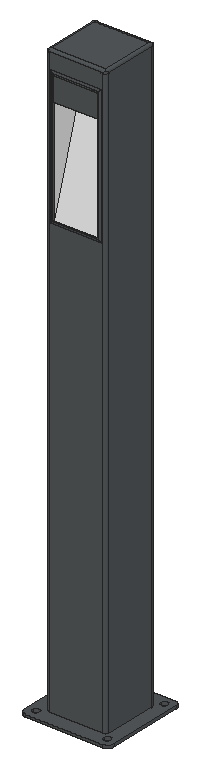
Revit family "svetilnik_alfresco_ar deko_dtu19", category Lighting Fixtures, Revit 2016 (continued)
Definition of nested family "Источник света Ар_Деко"
  Parameters (values of type "4")
      .2\r\n       0.2       0.2       0.2       0.2       0.2       0.2       0.2       0.2\r\n       0.2       0.2       0.2       0.2       0.2       0.2       0.2       0.2\r\n       0.2       0.2       0.2       0.1       0.1       0.1       0.0       0.0\r\n       0.0       0.0       0.0       0.0       0.0\r\n       0.0       0.0       0.2       0.1       0.1       0.1       0.1       0.1\r\n       0.2       0.2       0.2       0.2       0.2       0.2       0.2       0.2\r\n       0.2       0.2       0.2       0.2       0.2       0.2       0.2       0.2\r\n       0.2       0.2       0.2       0.2       0.2       0.2       0.2       0.2\r\n       0.2       0.2       0.2       0.2       0.2       0.2       0.2       0.2\r\n       0.2       0.2       0.2       0.2       0.2       0.2       0.2       0.2\r\n       0.2       0.2       0.2       0.2       0.2       0.2       0.2       0.2\r\n       0.2       0.2       0.2       0.2       0.2       0.2       0.2       0.2\r\n       0.2       0.3       0.3       0.3       0.3       0.3       0.3       0.3\r\n       0.3       0.2       0.2       0.2       0.2       0.2       0.2       0.2\r\n       0.2       0.2       0.2       0.2       0.2       0.2       0.2       0.2\r\n       0.2       0.2       0.2       0.2       0.2       0.2       0.2       0.2\r\n       0.2       0.2       0.2       0.2       0.2       0.2       0.2       0.2\r\n       0.2       0.2       0.2       0.2       0.2       0.2       0.2       0.2\r\n       0.2       0.2       0.2       0.2       0.2       0.2       0.2       0.2\r\n       0.2       0.2       0.2       0.2       0.2       0.2       0.2       0.2\r\n       0.2       0.2       0.2       0.2       0.2       0.2       0.2       0.2\r\n       0.2       0.2       0.2       0.2       0.2       0.2       0.2       0.2\r\n       0.2       0.2       0.2       0.2       0.2       0.2       0.2       0.2\r\n       0.2       0.2       0.2       0.2       0.2       0.2       0.2       0.2\r\n       0.2       0.2       0.2       0.2       0.2       0.2       0.2       0.2\r\n       0.2       0.2       0.2       0.1       0.1       0.1       0.0       0.0\r\n       0.0       0.0       0.0       0.0       0.0\r\n       0.0       0.0       0.2       0.1       0.1       0.1       0.1       0.1\r\n       0.2       0.3       0.2       0.2       0.2       0.2       0.2       0.2\r\n       0.2       0.2       0.2       0.2       0.2       0.2       0.2       0.2\r\n       0.2       0.2       0.2       0.2       0.2       0.2       0.2       0.2\r\n       0.2       0.2       0.2       0.2       0.2       0.2       0.2       0.2\r\n       0.2       0.2       0.2       0.2       0.2       0.2       0.2       0.2\r\n       0.2       0.2       0.2       0.2       0.2       0.2       0.2       0.2\r\n       0.2       0.2       0.2       0.3       0.3       0.3       0.3       0.3\r\n       0.4       0.7       0.7       0.7       0.6       0.5       0.5       0.4\r\n       0.4       0.3       0.3       0.2       0.2       0.2       0.2       0.2\r\n       0.2       0.2       0.2       0.2       0.2       0.2       0.2       0.2\r\n       0.2       0.2       0.2       0.2       0.2       0.2       0.2       0.2\r\n       0.2       0.2       0.2       0.2       0.2       0.2       0.2       0.2\r\n       0.2       0.2       0.2       0.2       0.2       0.2       0.2       0.2\r\n       0.2       0.2       0.2       0.2       0.2       0.2       0.2       0.2\r\n       0.2       0.2       0.2       0.2       0.2       0.2       0.2       0.2\r\n       0.2       0.2       0.2       0.2       0.2       0.2       0.2       0.2\r\n       0.2       0.2       0.2       0.2       0.2       0.2       0.2       0.2\r\n       0.2       0.2       0.2       0.2       0.2       0.2       0.2       0.2\r\n       0.2       0.2       0.2       0.2       0.2       0.2       0.2       0.2\r\n       0.2       0.2       0.2       0.2       0.2       0.2       0.2       0.2\r\n       0.2       0.2       0.2       0.2       0.1       0.1       0.0       0.0\r\n       0.0       0.0       0.0       0.0       0.0\r\n       0.0       0.0       0.2       0.1       0.2       0.1       0.1       0.1\r\n       0.2       0.3       0.2       0.2       0.2       0.2       0.2       0.2\r\n       0.2       0.2       0.2       0.2       0.2       0.2       0.2       0.2\r\n       0.2       0.2       0.2       0.2       0.2       0.2       0.2       0.2\r\n       0.2       0.2       0.2       0.2       0.2       0.2       0.3       0.9\r\n       1.2       1.2       1.0       0.9       0.8       0.7       0.6       0.5\r\n       0.4       0.4       0.4       0.4       0.4       0.4       0.5       0.6\r\n       0.5       0.5       0.6       0.8       0.9       1.0       1.2       1.0\r\n       0.7       1.0       1.3       1.4       1.2       1.0       0.8       0.7\r\n       0.6       0.5       0.4       0.4       0.3       0.3       0.3       0.2\r\n       0.2       0.2       0.2       0.2       0.2       0.2       0.2       0.2\r\n       0.2       0.2       0.2       0.2       0.2       0.2       0.2       0.2\r\n       0.2       0.2       0.2       0.2       0.2       0.2       0.2       0.2\r\n       0.2       0.2       0.2       0.2       0.2       0.2       0.2       0.2\r\n       0.2       0.2       0.2       0.2       0.2       0.2       0.2       0.2\r\n       0.2       0.2       0.2       0.2       0.2       0.2       0.2       0.2\r\n       0.2       0.2       0.2       0.2       0.2       0.2       0.2       0.2\r\n       0.2       0.2       0.2       0.2       0.2       0.2       0.2       0.2\r\n       0.2       0.2       0.2       0.2       0.2       0.2       0.2       0.2\r\n       0.2       0.2       0.2       0.2       0.2       0.2       0.2       0.2\r\n       0.2       0.2       0.2       0.2       0.2       0.2       0.2       0.2\r\n       0.2       0.2       0.2       0.2       0.1       0.1       0.0       0.0\r\n       0.0       0.0       0.0       0.0       0.0\r\n       0.0       0.0       0.2       0.1       0.2       0.1       0.1       0.1\r\n       0.2       0.3       0.2       0.2       0.2       0.2       0.2       0.2\r\n       0.2       0.2       0.2       0.2       0.2       0.2       0.2       0.2\r\n       0.2       0.2       0.2       0.2       0.2       0.2       0.2       0.2\r\n       0.3       0.7       0.7       0.9       2.5       2.5       4.6      17.7\r\n      28.3      32.2      31.9      32.9      31.0      28.3      26.0      23.7\r\n      21.6      19.2      16.5      14.3      12.6      11.4      10.3       9.2\r\n       8.7       8.5       8.8       9.5       9.5       9.9       9.9       9.6\r\n      10.2      10.5      10.4      10.9      10.7      10.3      10.5      10.0\r\n       9.6       9.6       8.8       8.0       7.8       7.1       6.5       6.1\r\n       4.0       1.4       0.5       0.2       0.2       0.2       0.2       0.2\r\n       0.2       0.2       0.2       0.2       0.2       0.2       0.2       0.2\r\n       0.2       0.2       0.2       0.2       0.2       0.2       0.2       0.2\r\n       0.2       0.2       0.2       0.2       0.2       0.2       0.2       0.2\r\n       0.2       0.2       0.2       0.2       0.2       0.2       0.2       0.2\r\n       0.2       0.2       0.2       0.2       0.2       0.2       0.2       0.2\r\n       0.2       0.2       0.2       0.2       0.2       0.2       0.2       0.2\r\n       0.2       0.2       0.2       0.2       0.2       0.2       0.2       0.2\r\n       0.2       0.2       0.2       0.2       0.2       0.2       0.2       0.2\r\n       0.2       0.2       0.2       0.2       0.2       0.2       0.2       0.2\r\n       0.2       0.2       0.2       0.2       0.2       0.2       0.2       0.2\r\n       0.2       0.2       0.2       0.2       0.1       0.1       0.0       0.0\r\n       0.0       0.0       0.0       0.0       0.0\r\n       0.0       0.0       0.2       0.1       0.2       0.1       0.1       0.1\r\n       0.2       0.3       0.2       0.2       0.2       0.2       0.2       0.2\r\n       0.2       0.2       0.2       0.2       0.2       0.2       0.2       0.2\r\n       0.2       0.2       0.2       0.2       0.2       0.2       0.6       1.3\r\n       2.5       7.3       9.8      13.7      29.5      46.7      54.6      59.2\r\n      63.3      65.5      68.9      71.5      74.0      72.6      70.6      67.4\r\n      65.3      64.1      62.1      61.6      60.7      59.8      59.2      58.8\r\n      57.6      56.4      55.4      53.9      52.1      50.9      49.5      47.2\r\n      44.6      42.6      41.7      40.1      38.3      37.2      35.6      33.4\r\n      30.8      28.4      26.4      24.1      22.7      20.6      17.6      12.3\r\n       7.0       3.9       2.5       1.4       0.7       0.3       0.2       0.2\r\n       0.2       0.2       0.2       0.2       0.2       0.2       0.2       0.2\r\n       0.2       0.2       0.2       0.2       0.2       0.2       0.2       0.2\r\n       0.2       0.2       0.2       0.2       0.2       0.2       0.2       0.2\r\n       0.2       0.2       0.2       0.2       0.2       0.2       0.2       0.2\r\n       0.2       0.2       0.2       0.2       0.2       0.2       0.2       0.2\r\n       0.2       0.2       0.2       0.2       0.2       0.2       0.2       0.2\r\n       0.2       0.2       0.2       0.2       0.2       0.2       0.2       0.2\r\n       0.2       0.2       0.2       0.2       0.2       0.2       0.2       0.2\r\n       0.2       0.2       0.2       0.2       0.2       0.2       0.2       0.2\r\n       0.2       0.2       0.2       0.2       0.2       0.2       0.2       0.2\r\n       0.2       0.2       0.2       0.2       0.1       0.1       0.0       0.0\r\n       0.0       0.0       0.0       0.0       0.0\r\n       0.0       0.0       0.2       0.1       0.2       0.1       0.1       0.1\r\n       0.2       0.3       0.2       0.2       0.2       0.2       0.2       0.2\r\n       0.2       0.2       0.2       0.2       0.2       0.2       0.2       0.2\r\n       0.2       0.2       0.2       0.3       1.1       3.0       6.5      13.8\r\n      18.7      28.7      51.5      64.5      73.2      82.0      90.2      94.9\r\n     100.3     105.0     109.2     113.7     112.3     112.5     109.7     106.5\r\n     104.3     102.3     100.3      97.6      95.6      94.8      93.6      91.2\r\n      90.6      88.7      86.1      84.2      83.0      81.0      78.4      76.1\r\n      73.5      70.7      68.6      66.0      63.9      61.3      57.8      53.9\r\n      50.4      46.7      44.0      41.1      37.5      30.7      23.0      17.2\r\n      13.0       9.4       6.7       4.7       3.0       1.7       0.8       0.3\r\n       0.2       0.2       0.2       0.2       0.2       0.2       0.2       0.2\r\n       0.2       0.2       0.2       0.2       0.2       0.2       0.2       0.2\r\n       0.2       0.2       0.2       0.2       0.2       0.2       0.2       0.2\r\n       0.2       0.2       0.2       0.2       0.2       0.2       0.2       0.2\r\n       0.2       0.2       0.2       0.2       0.2       0.2       0.2       0.2\r\n       0.2       0.2       0.2       0.2       0.2       0.2       0.2       0.2\r\n       0.2       0.2       0.2       0.2       0.2       0.2       0.2       0.2\r\n       0.2       0.2       0.2       0.2       0.2       0.2       0.2       0.2\r\n       0.2       0.2       0.2       0.2       0.2       0.2       0.2       0.2\r\n       0.2       0.2       0.2       0.2       0.2       0.2       0.2       0.2\r\n       0.2       0.2       0.2       0.2       0.1       0.1       0.0       0.0\r\n       0.0       0.0       0.0       0.0       0.0\r\n       0.0       0.0       0.2       0.1       0.2       0.1       0.1       0.1\r\n       0.2       0.3       0.2       0.2       0.2       0.2       0.2       0.2\r\n       0.2       0.2       0.2       0.2       0.2       0.2       0.2       0.2\r\n       0.3       0.5       0.9       4.4      10.3      24.3      34.7      49.5\r\n      64.4      75.0      83.8      92.5     101.2     110.4     122.8     128.6\r\n     140.5     155.9     156.4     165.2     172.1     168.9     168.0     167.5\r\n     166.4     163.9     163.7     162.5     161.6     159.0     156.9     154.6\r\n     150.7     147.2     143.9     139.8     135.2     130.3     126.3     121.9\r\n     116.5     112.1     108.0     104.3      99.5      95.0      90.1      85.3\r\n      80.5      75.0      69.5      62.2      52.5      43.3      35.6      29.8\r\n      24.6      19.9      15.9      11.6       8.2       5.2       3.3       0.7\r\n       0.2       0.2       0.2       0.2       0.2       0.2       0.2       0.2\r\n       0.2       0.2       0.2       0.2       0.2       0.2       0.2       0.2\r\n       0.2       0.2       0.2       0.2       0.2       0.2       0.2       0.2\r\n       0.2       0.2       0.2       0.2       0.2       0.2       0.2       0.2\r\n       0.2       0.2       0.2       0.2       0.2       0.2       0.2       0.2\r\n       0.2       0.2       0.2       0.2       0.2       0.2       0.2       0.2\r\n       0.2       0.2       0.2       0.2       0.2       0.2       0.2       0.2\r\n       0.2       0.2       0.2       0.2       0.2       0.2       0.2       0.2\r\n       0.2       0.2       0.2       0.2       0.2       0.2       0.2       0.2\r\n       0.2       0.2       0.2       0.2       0.2       0.2       0.2       0.2\r\n       0.2       0.2       0.2       0.1       0.1       0.1       0.0       0.0\r\n       0.0       0.0       0.0       0.0       0.0\r\n       0.0       0.0       0.2       0.1       0.2       0.1       0.1       0.2\r\n       0.2       0.3       0.2       0.2       0.2       0.2       0.2       0.2\r\n       0.2       0.2       0.2       0.2       0.2       0.2       0.3       0.4\r\n       1.7       4.4      11.1      30.2      41.1      52.9      67.3      81.5\r\n      93.5     100.1     109.7     126.0     138.4     151.3     168.4     182.1\r\n     196.9     213.0     216.8     213.5     211.4     210.4     205.1     202.2\r\n     199.2     197.1     193.2     189.5     186.2     183.3     180.9     178.3\r\n     175.0     170.7     167.5     163.2     158.5     155.5     151.8     147.2\r\n     142.8     138.2     134.2     129.3     124.2     118.7     113.9     108.8\r\n     103.0      95.2      83.0      71.0      62.6      54.4      48.5      41.8\r\n      36.1      30.2      25.2      19.9      14.2       9.6       6.0       1.3\r\n       0.3       0.2       0.2       0.2       0.2       0.2       0.2       0.2\r\n       0.2       0.2       0.2       0.2       0.2       0.2       0.2       0.2\r\n       0.2       0.2       0.2       0.2       0.2       0.2       0.2       0.2\r\n       0.2       0.2       0.2       0.2       0.2       0.2       0.2       0.2\r\n       0.2       0.2       0.2       0.2       0.2       0.2       0.2       0.2\r\n       0.2       0.2       0.2       0.2       0.2       0.2       0.2       0.2\r\n       0.2       0.2       0.2       0.2       0.2       0.2       0.2       0.2\r\n       0.2       0.2       0.2       0.2       0.2       0.2       0.2       0.2\r\n       0.2       0.2       0.2       0.2       0.2       0.2       0.2       0.2\r\n       0.2       0.2       0.2       0.2       0.2       0.2       0.2       0.2\r\n       0.2       0.2       0.2       0.1       0.1       0.1       0.0       0.0\r\n       0.0       0.0       0.0       0.0       0.0\r\n       0.0       0.0       0.2       0.1       0.2       0.1       0.1       0.2\r\n       0.2       0.3       0.2       0.2       0.2       0.2       0.2       0.2\r\n       0.2       0.2       0.2       0.2       0.2       0.3       1.7       5.0\r\n      12.5      23.5      48.5      64.1      74.4      87.0      97.3     107.5\r\n     115.2     130.4     146.1     159.4     179.6     193.2     211.1     222.5\r\n     225.9     224.7     221.8     220.0     217.4     212.4     212.6     209.4\r\n     206.8     204.9     200.7     198.6     196.1     191.9     189.3     184.6\r\n     180.2     178.4     173.3     167.9     163.8     161.3     156.3     151.3\r\n     147.6     143.1     137.8     132.6     127.9     123.6     118.8     112.3\r\n     101.9      88.8      76.8      67.8      60.6      53.9      47.3      40.7\r\n      35.6      28.9      24.6
            18.3      12.6       8.4       3.3       0.6\r\n       0.2       0.2       0.2       0.2       0.2       0.2       0.2       0.2\r\n       0.2       0.2       0.2       0.2       0.2       0.2       0.2       0.2\r\n       0.2       0.2       0.2       0.2       0.2       0.2       0.2       0.2\r\n       0.2       0.2       0.2       0.2       0.2       0.2       0.2       0.2\r\n       0.2       0.2       0.2       0.2       0.2       0.2       0.2       0.2\r\n       0.2       0.2       0.2       0.2       0.2       0.2       0.2       0.2\r\n       0.2       0.2       0.2       0.2       0.2       0.2       0.2       0.2\r\n       0.2       0.2       0.2       0.2       0.2       0.2       0.2       0.2\r\n       0.2       0.2       0.2       0.2       0.2       0.2       0.2       0.2\r\n       0.2       0.2       0.2       0.2       0.2       0.2       0.2       0.2\r\n       0.2       0.2       0.2       0.1       0.1       0.1       0.0       0.0\r\n       0.0       0.0       0.0       0.0       0.0\r\n       0.0       0.0       0.2       0.2       0.2       0.1       0.1       0.2\r\n       0.2       0.3       0.2       0.2       0.2       0.2       0.2       0.2\r\n       0.2       0.2       0.2       0.3       0.6       2.7      10.0      28.9\r\n      51.0      69.2      82.1      91.1     103.5     113.1     127.6     143.3\r\n     158.5     173.3     196.4     215.0     231.0     240.4     240.3     239.1\r\n     237.0     235.1     233.5     232.1     228.9     227.1     223.9     220.4\r\n     219.1     214.1     212.3     207.8     204.4     201.8     198.0     193.8\r\n     191.4     186.6     180.5     176.2     173.2     168.0     163.0     160.5\r\n     156.7     150.9     145.9     140.9     136.2     130.4     122.4     110.3\r\n      97.0      85.8      78.2      68.9      63.0      55.0      48.3      42.6\r\n      36.3      30.9      24.8      18.3      13.3       8.7       3.3       0.6\r\n       0.2       0.2       0.2       0.2       0.2       0.2       0.2       0.2\r\n       0.2       0.2       0.2       0.2       0.2       0.2       0.2       0.2\r\n       0.2       0.2       0.2       0.2       0.2       0.2       0.2       0.2\r\n       0.2       0.2       0.2       0.2       0.2       0.2       0.2       0.2\r\n       0.2       0.2       0.2       0.2       0.2       0.2       0.2       0.2\r\n       0.2       0.2       0.2       0.2       0.2       0.2       0.2       0.2\r\n       0.2       0.2       0.2       0.2       0.2       0.2       0.2       0.2\r\n       0.2       0.2       0.2       0.2       0.2       0.2       0.2       0.2\r\n       0.2       0.2       0.2       0.2       0.2       0.2       0.2       0.2\r\n       0.2       0.2       0.2       0.2       0.2       0.2       0.2       0.2\r\n       0.2       0.2       0.2       0.1       0.1       0.1       0.0       0.0\r\n       0.0       0.0       0.0       0.0       0.0\r\n       0.0       0.0       0.2       0.2       0.2       0.1       0.1       0.2\r\n       0.2       0.3       0.2       0.2       0.2       0.2       0.2       0.2\r\n       0.2       0.2       0.3       1.1       4.9      21.5      39.7      75.9\r\n     102.0     121.2     138.1     153.3     165.6     179.3     196.4     209.4\r\n     231.7     246.7     263.9     273.7     274.7     271.7     270.1     265.3\r\n     265.4     262.5     259.9     256.1     251.1     249.9     245.6     244.8\r\n     240.7     238.6     235.2     233.0     230.2     225.6     220.7     217.4\r\n     214.1     210.5     206.8     202.6     196.6     191.8     189.1     184.1\r\n     177.9     172.6     168.1     161.2     152.0     138.5     121.7     106.8\r\n      94.8      84.9      75.3      68.9      61.2      53.9      48.6      40.9\r\n      36.0      29.0      22.0      16.2      11.8       6.1       1.6       0.2\r\n       0.2       0.2       0.2       0.2       0.2       0.2       0.2       0.2\r\n       0.2       0.2       0.2       0.2       0.2       0.2       0.2       0.2\r\n       0.2       0.2       0.2       0.2       0.2       0.2       0.2       0.2\r\n       0.2       0.2       0.2       0.2       0.2       0.2       0.2       0.2\r\n       0.2       0.2       0.2       0.2       0.2       0.2       0.2       0.2\r\n       0.2       0.2       0.2       0.2       0.2       0.2       0.2       0.2\r\n       0.2       0.2       0.2       0.2       0.2       0.2       0.2       0.2\r\n       0.2       0.2       0.2       0.2       0.2       0.2       0.2       0.2\r\n       0.2       0.2       0.2       0.2       0.2       0.2       0.2       0.2\r\n       0.2       0.2       0.2       0.2       0.2       0.2       0.2       0.2\r\n       0.2       0.2       0.2       0.1       0.1       0.1       0.0       0.0\r\n       0.0       0.0       0.0       0.0       0.0\r\n       0.0       0.0       0.2       0.2       0.2       0.1       0.1       0.2\r\n       0.2       0.3       0.3       0.2       0.2       0.2       0.2       0.2\r\n       0.2       0.3       0.8       7.3      26.2      70.9     101.4     129.8\r\n     149.7     165.0     184.1     199.7     216.8     231.7     252.9     274.3\r\n     302.0     310.8     310.9     308.5     306.9     304.8     302.2     300.3\r\n     297.0     295.9     293.4     290.5     289.5     284.5     285.9     282.2\r\n     279.0     275.3     271.1     268.2     265.3     262.7     257.2     252.7\r\n     248.0     243.1     238.0     233.9     229.0     222.8     217.6     211.7\r\n     207.8     201.7     193.5     180.9     162.7     143.0     125.4     113.7\r\n     101.9      91.7      84.5      72.8      65.7      58.1      50.2      42.9\r\n      37.5      29.7      23.2      17.6      12.2       5.3       1.0       0.2\r\n       0.2       0.2       0.2       0.2       0.2       0.2       0.2       0.2\r\n       0.2       0.2       0.2       0.2       0.2       0.2       0.2       0.2\r\n       0.2       0.2       0.2       0.2       0.2       0.2       0.2       0.2\r\n       0.2       0.2       0.2       0.2       0.2       0.2       0.2       0.2\r\n       0.2       0.2       0.2       0.2       0.2       0.2       0.2       0.2\r\n       0.2       0.2       0.2       0.2       0.2       0.2       0.2       0.2\r\n       0.2       0.2       0.2       0.2       0.2       0.2       0.2       0.2\r\n       0.2       0.2       0.2       0.2       0.2       0.2       0.2       0.2\r\n       0.2       0.2       0.2       0.2       0.2       0.2       0.2       0.2\r\n       0.2       0.2       0.2       0.2       0.2       0.2       0.2       0.2\r\n       0.2       0.2       0.2       0.1       0.1       0.1       0.0       0.0\r\n       0.0       0.0       0.0       0.0       0.0\r\n       0.0       0.0       0.2       0.2       0.2       0.1       0.1       0.2\r\n       0.2       0.3       0.3       0.2       0.2       0.2       0.2       0.2\r\n       0.2       0.8       6.1      31.8      73.5     116.2     144.5     165.1\r\n     184.2     200.7     222.1     245.2     266.4     285.2     315.5     329.3\r\n     337.4     337.7     335.2     329.7     330.8     328.7     327.2     327.9\r\n     326.1     324.2     320.9     317.8     315.7     316.1     312.0     310.4\r\n     306.6     302.1     301.1     296.1     292.2     286.6     281.7     279.1\r\n     273.5     268.1     263.5     257.3     251.2     245.9     240.8     234.8\r\n     227.9     217.7     203.8     180.2     154.4     136.6     127.3     113.7\r\n     105.4      95.2      85.8      77.4      70.0      60.7      52.1      45.5\r\n      35.2      27.1      20.6      16.0       9.7       2.6       0.2       0.2\r\n       0.2       0.2       0.2       0.2       0.2       0.2       0.2       0.2\r\n       0.2       0.2       0.2       0.2       0.2       0.2       0.2       0.2\r\n       0.2       0.2       0.2       0.2       0.2       0.2       0.2       0.2\r\n       0.2       0.2       0.2       0.2       0.2       0.2       0.2       0.2\r\n       0.2       0.2       0.2       0.2       0.2       0.2       0.2       0.2\r\n       0.2       0.2       0.2       0.2       0.2       0.2       0.2       0.2\r\n       0.2       0.2       0.2       0.2       0.2       0.2       0.2       0.2\r\n       0.2       0.2       0.2       0.2       0.2       0.2       0.2       0.2\r\n       0.2       0.2       0.2       0.2       0.2       0.2       0.2       0.2\r\n       0.2       0.2       0.2       0.2       0.2       0.2       0.2       0.2\r\n       0.2       0.2       0.2       0.1       0.1       0.1       0.0       0.0\r\n       0.0       0.0       0.0       0.0       0.0\r\n       0.0       0.0       0.2       0.2       0.2       0.1       0.1       0.2\r\n       0.2       0.3       0.3       0.2       0.2       0.2       0.2       0.2\r\n       0.5       5.2      27.5      78.0     123.6     152.7     172.7     192.1\r\n     210.3     233.5     261.9     289.8     322.4     351.4     369.7     368.6\r\n     370.3     369.8     368.0     371.7     371.5     367.1     365.4     364.6\r\n     361.0     360.0     356.9     354.0     350.0     347.4     341.3     337.9\r\n     334.6     331.8     329.6     323.8     318.5     314.3     309.9     304.3\r\n     298.2     294.0     289.4     282.3     276.5     269.7     261.9     254.8\r\n     243.0     224.7     200.3     174.0     157.5     144.6     132.6     122.4\r\n     113.8     102.2      93.1      86.9      76.4      67.9      59.8      50.0\r\n      37.7      30.5      22.5      16.5       8.8       1.1       0.3       0.2\r\n       0.2       0.2       0.2       0.2       0.2       0.2       0.2       0.2\r\n       0.2       0.2       0.2       0.2       0.2       0.2       0.2       0.2\r\n       0.2       0.2       0.2       0.2       0.2       0.2       0.2       0.2\r\n       0.2       0.2       0.2       0.2       0.2       0.2       0.2       0.2\r\n       0.2       0.2       0.2       0.2       0.2       0.2       0.2       0.2\r\n       0.2       0.2       0.2       0.2       0.2       0.2       0.2       0.2\r\n       0.2       0.2       0.2       0.2       0.2       0.2       0.2       0.2\r\n       0.2       0.2       0.2       0.2       0.2       0.2       0.2       0.2\r\n       0.2       0.2       0.2       0.2       0.2       0.2       0.2       0.2\r\n       0.2       0.2       0.2       0.2       0.2       0.2       0.2       0.2\r\n       0.2       0.2       0.2       0.1       0.1       0.1       0.0       0.0\r\n       0.0       0.0       0.0       0.0       0.0\r\n       0.0       0.0       0.3       0.2       0.2       0.1       0.1       0.2\r\n       0.2       0.3       0.3       0.3       0.2       0.2       0.2       0.3\r\n       3.1      21.2      67.2     118.9     156.9     184.0     202.8     224.9\r\n     253.9     283.1     315.6     351.6     390.7     398.7     404.7     404.9\r\n     404.1     402.5     399.5     401.0     395.8     396.0     393.3     387.9\r\n     383.9     378.4     376.8     375.3     374.9     368.0     365.2     359.1\r\n     356.1     353.7     346.7     343.1     340.7     334.6     331.1     325.6\r\n     321.5     314.4     307.8     301.5     294.9     287.3     278.6     264.0\r\n     242.6     216.2     191.0     176.3     163.3     148.6     138.2     129.7\r\n     117.6     106.6      99.5      89.8      77.6      69.3      60.2      49.1\r\n      37.9      29.4      21.7      13.5       5.2       0.5       0.2       0.2\r\n       0.2       0.2       0.2       0.2       0.2       0.2       0.2       0.2\r\n       0.2       0.2       0.2       0.2       0.2       0.2       0.2       0.2\r\n       0.2       0.2       0.2       0.2       0.2       0.2       0.2       0.2\r\n       0.2       0.2       0.2       0.2       0.2       0.2       0.2       0.2\r\n       0.2       0.2       0.2       0.2       0.2       0.2       0.2       0.2\r\n       0.2       0.2       0.2       0.2       0.2       0.2       0.2       0.2\r\n       0.2       0.2       0.2       0.2       0.2       0.2       0.2       0.2\r\n       0.2       0.2       0.2       0.2       0.2       0.2       0.2       0.2\r\n       0.2       0.2       0.2       0.2       0.2       0.2       0.2       0.2\r\n       0.2       0.2       0.2       0.2       0.2       0.2       0.2       0.2\r\n       0.2       0.2       0.2       0.1       0.1       0.1       0.0       0.0\r\n       0.0       0.0       0.0       0.0       0.0\r\n       0.0       0.0       0.3       0.2       0.2       0.1       0.1       0.2\r\n       0.2       0.3       0.3       0.3       0.2       0.2       0.2       0.8\r\n      14.4      52.6     107.3     151.6     183.7     211.6     239.1     268.3\r\n     305.2     333.6     383.3     426.3     441.7     443.4     441.4     439.5\r\n     435.1     431.8     433.1     424.9     425.2     417.8     414.7     416.5\r\n     413.6     411.5     407.3     403.6     395.5     395.7     393.1     391.3\r\n     388.2     378.2     373.8     367.2     362.1     358.5     352.9     349.2\r\n     342.4     334.7     331.1     325.3     318.6     306.8     291.4     265.3\r\n     241.4     218.7     201.0     186.3     170.9     159.8     148.3     134.4\r\n     120.9     111.0     104.0      92.3      85.0      75.3      63.7      51.4\r\n      43.0      35.2      25.7      13.3       3.6       0.2       0.2       0.2\r\n       0.2       0.2       0.2       0.2       0.2       0.2       0.2       0.2\r\n       0.2       0.2       0.2       0.2       0.2       0.2       0.2       0.2\r\n       0.2       0.2       0.2       0.2       0.2       0.2       0.2       0.2\r\n       0.2       0.2       0.2       0.2       0.2       0.2       0.2       0.2\r\n       0.2       0.2       0.2       0.2       0.2       0.2       0.2       0.2\r\n       0.2       0.2       0.2       0.2       0.2       0.2       0.2       0.2\r\n       0.2       0.2       0.2       0.3       0.2       0.2       0.2       0.2\r\n       0.2       0.2       0.2       0.2       0.2       0.2       0.2       0.2\r\n       0.2       0.2       0.2       0.2       0.2       0.2       0.2       0.2\r\n       0.2       0.2       0.2       0.2       0.2       0.2       0.2       0.2\r\n       0.2       0.2       0.2       0.1       0.1       0.1       0.0       0.0\r\n       0.0       0.1       0.0       0.0       0.0\r\n       0.0       0.0       0.3       0.2       0.2       0.2       0.1       0.2\r\n       0.2       0.3       0.3       0.3       0.3       0.2       0.4       4.2\r\n      38.7      91.8     142.6     177.8     210.1     239.1     276.4     319.6\r\n     356.1     408.2     452.9     472.9     474.4     473.3     472.7     468.8\r\n     466.3     465.9     461.5     459.6     455.0     453.3     452.5     448.0\r\n     447.8     444.2     441.8     436.9     433.1     428.9     427.2     417.4\r\n     413.7     412.0     407.4     404.9     399.7     391.7     385.5     376.6\r\n     370.7     366.2     360.9     352.0     341.6     328.1     301.2     273.9\r\n     248.3     231.6     221.1     202.5     186.2     176.7     160.2     147.4\r\n     136.6     124.4     112.1      99.8      92.2      79.9      67.1      55.4\r\n      44.8      37.5      24.3       9.8       1.5       0.3       0.2       0.2\r\n       0.2       0.2       0.2       0.2       0.2       0.2       0.2       0.2\r\n       0.2       0.2       0.2       0.2       0.2       0.2       0.2       0.2\r\n       0.2       0.2       0.2       0.2       0.2       0.2       0.2       0.2\r\n       0.2       0.2       0.2       0.2       0.2       0.2       0.2       0.2\r\n       0.2       0.2       0.2       0.2       0.2       0.2       0.2       0.2\r\n       0.2       0.2       0.2       0.2       0.2       0.2       0.2       0.2\r\n       0.2       0.2       0.2       0.2       0.3       0.2       0.2       0.2\r\n       0.2       0.2       0.2       0.2       0.2       0.2       0.2       0.2\r\n       0.2       0.2       0.2       0.2       0.2       0.2       0.2       0.2\r\n       0.2       0.2       0.2       0.2       0.2       0.2       0.2       0.2\r\n       0.2       0.2       0.2       0.1       0.1       0.1       0.0       0.0\r\n       0.0       0.1       0.0       0.0       0.0\r\n       0.0       0.0       0.3       0.2       0.2       0.2       0.2       0.2\r\n       0.2       0.3       0.3       0.3       0.3       0.3    
